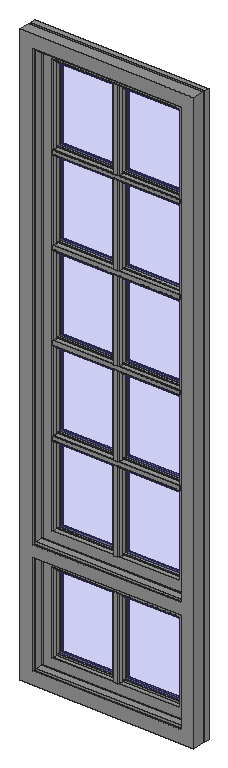
Revit family "MA1SPS LH", category Windows, host Wall, Revit 2015
Parameters (values of type "MA1SPS LH")
  Sash Height = 1461 mm
  Height = 1814 mm
  Default Lintel Height = 2100 mm
  Wall Closure = By host
  Width = 542 mm
Reference planes
  plane 1 "Center (Front/Back)": y = 0
  plane 2 "Center (Left/Right)": x = 0
  plane 3 "Left": x = -271
  plane 4 "Right": x = 271
  plane 5 "Sill": z = 286
  plane 6 "Head": z = 2100
  plane 7 "Exterior": y = 100
  plane 8 "Interior": y = -100
  plane 9: y = -28.5
  plane 10: y = 23.5
  plane 11: z = 639
Forms (mm)
  Sweep 1, solid, material "Lauan, Meranti"
    path origin (0, 100, 0) x (-1, 0, 0) y (0, 0, -1)
      loop
        line (271, -2100) -> (271, -286) -> (-271, -286) -> (-271, -2100) -> (271, -2100)
    profile origin (0, 100, 2100) x (0, 0, 1) y (0, -1, 0)
      loop
        line (0, 71.5) -> (0, 86.5) -> (-10, 86.5) -> (-10, 94.5) -> (0, 94.5) -> (0, 128.5) -> (-39, 128.5) -> (-39, 122.5) -> (-44, 122.5) -> (-44, 96.5) -> (-40.5, 96.5) -> (-40.5, 102.5) -> (-37.5, 102.5) -> (-37.5, 96.5) -> (-29, 96.5) -> (-29, 71.5) -> (0, 71.5)
  Sweep 2, solid, material "Rubber"
    path origin (0, 100, 0) x (-1, 0, 0) y (0, 0, -1)
      loop
        line (233.5, -2062.5) -> (233.5, -676.5) -> (-233.5, -676.5) -> (-233.5, -2062.5) -> (233.5, -2062.5)
    profile origin (0, 100, 2062.5) x (0, 0, 1) y (0, -1, 0)
      loop
        line (-1.5, 91.5) -> (3.5, 93.5) -> (3.5, 96.5) -> (-0.5, 96.5) -> (-0.5, 98.93) -> (0.5, 98.93) -> (-0.5, 99.198) -> (-0.5, 100.964) -> (0.5, 100.964) -> (-1.5, 101.5) -> (-3.5, 100.964) -> (-2.5, 100.964) -> (-2.5, 99.198) -> (-3.5, 98.93) -> (-2.5, 98.93) -> (-2.5, 96.5) -> (-6.5, 96.5) -> (-6.5, 93.5) -> (-1.5, 91.5)
  Extrusion 3, solid, material "Lauan, Meranti"
    sketch origin (271, 0, 0) x (0, -1, 0) y (0, 0, -1)
      loop
        line (28.5, -644) -> (22.5, -644) -> (22.5, -639) -> (-3.5, -639) -> (-3.5, -642.5) -> (2.5, -642.5) -> (2.5, -645.5) -> (-3.5, -645.5) -> (-3.5, -654) -> (-28.5, -654) -> (-28.5, -668) -> (-3.5, -668) -> (-3.5, -676.5) -> (2.5, -676.5) -> (2.5, -679.5) -> (-3.5, -679.5) -> (-3.5, -683) -> (22.5, -683) -> (22.5, -678) -> (28.5, -678) -> (28.5, -644)
    from -513 to -29
  Sweep 4, solid, material "Lauan, Meranti"
    path origin (10500, 23.5, 2100) x (0, 0, -1) y (-1, 0, 0)
      loop
        line (29, 10742) -> (29, 10258) -> (1432, 10258) -> (1432, 10742) -> (29, 10742)
    profile origin (0, 23.5, 2071) x (0, 0, -1) y (0, 1, 0)
      loop
        line (12, -2) -> (14, -2.536) -> (14, -7.464) -> (12, -8) -> (12, -13) -> (10, -13) -> (10, -17) -> (43, -17) -> (43, -14)
        arc (43, -14) -> (47.243, -12.243) -> (49, -8) r 6
        line (49, -8) -> (52, -8) -> (52, 0) -> (43, 0) -> (43, 25) -> (1, 25)
        arc (1, 25) -> (-3.243, 23.243) -> (-5, 19) r 6
        line (-5, 19) -> (-5, 5) -> (12, 5) -> (12, -2)
  Sweep 5, solid, material "Rubber"
    path origin (10500, 23.5, 2100) x (0, 0, -1) y (-1, 0, 0)
      loop
        line (1446, 10742) -> (1446, 10258) -> (1785, 10258) -> (1785, 10742) -> (1446, 10742)
    profile origin (0, 23.5, 654) x (0, 0, -1) y (0, 1, 0)
      loop
        line (5, -20) -> (9, -20) -> (9, -22.43) -> (8, -22.43) -> (9, -22.698) -> (9, -24.464) -> (8, -24.464) -> (10, -25) -> (12, -24.464) -> (11, -24.464) -> (11, -22.698) -> (12, -22.43) -> (11, -22.43) -> (11, -20) -> (15, -20) -> (15, -17) -> (10, -15) -> (5, -17) -> (5, -20)
  Sweep 6, solid, material "Lauan, Meranti"
    path origin (10500, 23.5, 2100) x (0, 0, -1) y (-1, 0, 0)
      loop
        line (1446, 10742) -> (1446, 10258) -> (1785, 10258) -> (1785, 10742) -> (1446, 10742)
    profile origin (0, 23.5, 654) x (0, 0, -1) y (0, 1, 0)
      loop
        line (-5, 5) -> (12, 5) -> (12, -2) -> (14, -2.536) -> (14, -7.464) -> (12, -8) -> (12, -13) -> (10, -13) -> (10, -17) -> (43, -17) -> (43, -14)
        arc (43, -14) -> (47.243, -12.243) -> (49, -8) r 6
        line (49, -8) -> (52, -8) -> (52, 0) -> (43, 0) -> (43, 25) -> (1, 25)
        arc (1, 25) -> (-3.243, 23.243) -> (-5, 19) r 6
        line (-5, 19) -> (-5, 5)
  Extrusion 7, solid, material "Lauan, Meranti"
    sketch origin (-270.934, 0, -15.827) x (0, -1, 0) y (0, 0, 1)
      loop
        line (-48.5, 1777.838) -> (-23.5, 1777.838) -> (-23.5, 1768.838) -> (-15.5, 1768.838) -> (-15.5, 1771.838)
        arc (-15.5, 1771.838) -> (-11.257, 1773.596) -> (-9.5, 1777.838) r 6
        line (-9.5, 1777.838) -> (-6.5, 1777.838) -> (-6.5, 1790.838) -> (-9.5, 1790.838)
        arc (-9.5, 1790.838) -> (-11.257, 1795.081) -> (-15.5, 1796.838) r 6
        line (-15.5, 1796.838) -> (-15.5, 1799.838) -> (-23.5, 1799.838) -> (-23.5, 1790.838) -> (-48.5, 1790.838) -> (-48.5, 1777.838)
      loop
        line (-48.5, 1511.838) -> (-23.5, 1511.838) -> (-23.5, 1502.838) -> (-15.5, 1502.838) -> (-15.5, 1505.838)
        arc (-15.5, 1505.838) -> (-11.257, 1507.596) -> (-9.5, 1511.838) r 6
        line (-9.5, 1511.838) -> (-6.5, 1511.838) -> (-6.5, 1524.838) -> (-9.5, 1524.838)
        arc (-9.5, 1524.838) -> (-11.257, 1529.081) -> (-15.5, 1530.838) r 6
        line (-15.5, 1530.838) -> (-15.5, 1533.838) -> (-23.5, 1533.838) -> (-23.5, 1524.838) -> (-48.5, 1524.838) -> (-48.5, 1511.838)
      loop
        line (-48.5, 1245.838) -> (-23.5, 1245.838) -> (-23.5, 1236.838) -> (-15.5, 1236.838) -> (-15.5, 1239.838)
        arc (-15.5, 1239.838) -> (-11.257, 1241.596) -> (-9.5, 1245.838) r 6
        line (-9.5, 1245.838) -> (-6.5, 1245.838) -> (-6.5, 1258.838) -> (-9.5, 1258.838)
        arc (-9.5, 1258.838) -> (-11.257, 1263.081) -> (-15.5, 1264.838) r 6
        line (-15.5, 1264.838) -> (-15.5, 1267.838) -> (-23.5, 1267.838) -> (-23.5, 1258.838) -> (-48.5, 1258.838) -> (-48.5, 1245.838)
      loop
        line (-48.5, 979.838) -> (-23.5, 979.838) -> (-23.5, 970.838) -> (-15.5, 970.838) -> (-15.5, 973.838)
        arc (-15.5, 973.838) -> (-11.257, 975.596) -> (-9.5, 979.838) r 6
        line (-9.5, 979.838) -> (-6.5, 979.838) -> (-6.5, 992.838) -> (-9.5, 992.838)
        arc (-9.5, 992.838) -> (-11.257, 997.081) -> (-15.5, 998.838) r 6
        line (-15.5, 998.838) -> (-15.5, 1001.838) -> (-23.5, 1001.838) -> (-23.5, 992.838) -> (-48.5, 992.838) -> (-48.5, 979.838)
    from -469.934 to -71.934
  Extrusion 8, solid, material "Lauan, Meranti"
    sketch origin (-0.311, 25, 184.173) x (1, 0, 0) y (0, 1, 0)
      loop
        line (-6.5, 23.5) -> (-6.5, -1.5) -> (-15.5, -1.5) -> (-15.5, -9.5) -> (-12.5, -9.5)
        arc (-12.5, -9.5) -> (-10.743, -13.743) -> (-6.5, -15.5) r 6
        line (-6.5, -15.5) -> (-6.5, -18.5) -> (6.5, -18.5) -> (6.5, -15.5)
        arc (6.5, -15.5) -> (10.743, -13.743) -> (12.5, -9.5) r 6
        line (12.5, -9.5) -> (15.5, -9.5) -> (15.5, -1.5) -> (6.5, -1.5) -> (6.5, 23.5) -> (-6.5, 23.5)
    from 1590.839 to 1843.827
  Extrusion 9, solid, material "Lauan, Meranti"
    sketch origin (-0.311, 25, -81.828) x (1, 0, 0) y (0, 1, 0)
      loop
        line (-6.5, 23.5) -> (-6.5, -1.5) -> (-15.5, -1.5) -> (-15.5, -9.5) -> (-12.5, -9.5)
        arc (-12.5, -9.5) -> (-10.743, -13.743) -> (-6.5, -15.5) r 6
        line (-6.5, -15.5) -> (-6.5, -18.5) -> (6.5, -18.5) -> (6.5, -15.5)
        arc (6.5, -15.5) -> (10.743, -13.743) -> (12.5, -9.5) r 6
        line (12.5, -9.5) -> (15.5, -9.5) -> (15.5, -1.5) -> (6.5, -1.5) -> (6.5, 23.5) -> (-6.5, 23.5)
    from 1590.839 to 1843.839
  Extrusion 10, solid, material "Lauan, Meranti"
    sketch origin (-0.311, 25, -347.828) x (1, 0, 0) y (0, 1, 0)
      loop
        line (-6.5, 23.5) -> (-6.5, -1.5) -> (-15.5, -1.5) -> (-15.5, -9.5) -> (-12.5, -9.5)
        arc (-12.5, -9.5) -> (-10.743, -13.743) -> (-6.5, -15.5) r 6
        line (-6.5, -15.5) -> (-6.5, -18.5) -> (6.5, -18.5) -> (6.5, -15.5)
        arc (6.5, -15.5) -> (10.743, -13.743) -> (12.5, -9.5) r 6
        line (12.5, -9.5) -> (15.5, -9.5) -> (15.5, -1.5) -> (6.5, -1.5) -> (6.5, 23.5) -> (-6.5, 23.5)
    from 1590.839 to 1843.839
  Extrusion 11, solid, material "Lauan, Meranti"
    sketch origin (-0.311, 25, -613.828) x (1, 0, 0) y (0, 1, 0)
      loop
        line (-6.5, 23.5) -> (-6.5, -1.5) -> (-15.5, -1.5) -> (-15.5, -9.5) -> (-12.5, -9.5)
        arc (-12.5, -9.5) -> (-10.743, -13.743) -> (-6.5, -15.5) r 6
        line (-6.5, -15.5) -> (-6.5, -18.5) -> (6.5, -18.5) -> (6.5, -15.5)
        arc (6.5, -15.5) -> (10.743, -13.743) -> (12.5, -9.5) r 6
        line (12.5, -9.5) -> (15.5, -9.5) -> (15.5, -1.5) -> (6.5, -1.5) -> (6.5, 23.5) -> (-6.5, 23.5)
    from 1590.839 to 1843.839
  Extrusion 12, solid, material "Lauan, Meranti"
    sketch origin (-0.311, 25, -879.828) x (1, 0, 0) y (0, 1, 0)
      loop
        line (-6.5, 23.5) -> (-6.5, -1.5) -> (-15.5, -1.5) -> (-15.5, -9.5) -> (-12.5, -9.5)
        arc (-12.5, -9.5) -> (-10.743, -13.743) -> (-6.5, -15.5) r 6
        line (-6.5, -15.5) -> (-6.5, -18.5) -> (6.5, -18.5) -> (6.5, -15.5)
        arc (6.5, -15.5) -> (10.743, -13.743) -> (12.5, -9.5) r 6
        line (12.5, -9.5) -> (15.5, -9.5) -> (15.5, -1.5) -> (6.5, -1.5) -> (6.5, 23.5) -> (-6.5, 23.5)
    from 1590.828 to 1843.839
  Extrusion 13, solid, material "Lauan, Meranti"
    sketch origin (-0.311, 25, -1232.828) x (1, 0, 0) y (0, 1, 0)
      loop
        line (-6.5, 23.5) -> (-6.5, -1.5) -> (-15.5, -1.5) -> (-15.5, -9.5) -> (-12.5, -9.5)
        arc (-12.5, -9.5) -> (-10.743, -13.743) -> (-6.5, -15.5) r 6
        line (-6.5, -15.5) -> (-6.5, -18.5) -> (6.5, -18.5) -> (6.5, -15.5)
        arc (6.5, -15.5) -> (10.743, -13.743) -> (12.5, -9.5) r 6
        line (12.5, -9.5) -> (15.5, -9.5) -> (15.5, -1.5) -> (6.5, -1.5) -> (6.5, 23.5) -> (-6.5, 23.5)
    from 1590.828 to 1843.828
  Extrusion 14, solid, material "Glass"
    sketch origin (10500, 23.5, 2100) x (0, 0, -1) y (-1, 0, 0)
      loop
        line (72, 10699) -> (72, 10506.811) -> (324.988, 10506.811) -> (324.988, 10699) -> (72, 10699)
      loop
        line (72, 10493.811) -> (72, 10301) -> (324.988, 10301) -> (324.988, 10493.811) -> (72, 10493.811)
      loop
        line (337.988, 10699) -> (337.988, 10506.811) -> (590.988, 10506.811) -> (590.988, 10699) -> (337.988, 10699)
      loop
        line (337.988, 10493.811) -> (337.988, 10301) -> (590.988, 10301) -> (590.988, 10493.811) -> (337.988, 10493.811)
      loop
        line (603.988, 10699) -> (603.988, 10506.811) -> (856.988, 10506.811) -> (856.988, 10699) -> (603.988, 10699)
      loop
        line (603.988, 10493.811) -> (603.988, 10301) -> (856.988, 10301) -> (856.988, 10493.811) -> (603.988, 10493.811)
      loop
        line (869.988, 10699) -> (869.988, 10506.811) -> (1122.988, 10506.811) -> (1122.988, 10699) -> (869.988, 10699)
      loop
        line (869.988, 10493.811) -> (869.988, 10301) -> (1122.988, 10301) -> (1122.988, 10493.811) -> (869.988, 10493.811)
      loop
        line (1135.988, 10699) -> (1135.988, 10506.811) -> (1389, 10506.811) -> (1389, 10699) -> (1135.988, 10699)
      loop
        line (1135.988, 10493.811) -> (1135.988, 10301) -> (1389, 10301) -> (1389, 10493.811) -> (1135.988, 10493.811)
      loop
        line (1489.013, 10698.988) -> (1489.013, 10506.811) -> (1742, 10506.811) -> (1742, 10698.988) -> (1489.013, 10698.988)
      loop
        line (1489, 10493.811) -> (1489, 10301) -> (1742, 10301) -> (1742, 10493.811) -> (1489, 10493.811)
    from 0 to 6.4
  Sweep 15, solid, material "Lauan, Meranti"
    path origin (10500, 23.5, 2100) x (0, 0, -1) y (-1, 0, 0)
      loop
        line (72, 10699) -> (72, 10506.811) -> (324.988, 10506.811) -> (324.988, 10699) -> (72, 10699)
    profile origin (-102.906, 23.5, 2028) x (0, 0, -1) y (0, 1, 0)
      loop
        line (0, 14.4) -> (0, 6.4) -> (9, 6.4) -> (9, 8.4) -> (7, 8.4)
        arc (7, 8.4) -> (4.67, 12.766) -> (0, 14.4) r 6.807
  Sweep 16, solid, material "Lauan, Meranti"
    path origin (10705.189, 23.5, 2100) x (0, 0, -1) y (-1, 0, 0)
      loop
        line (72, 10699) -> (72, 10506.189) -> (324.988, 10506.189) -> (324.988, 10699) -> (72, 10699)
    profile origin (102.594, 23.5, 2028) x (0, 0, -1) y (0, 1, 0)
      loop
        line (0, 14.4) -> (0, 6.4) -> (9, 6.4) -> (9, 8.4) -> (7, 8.4)
        arc (7, 8.4) -> (4.67, 12.766) -> (0, 14.4) r 6.807
  Sweep 17, solid, material "Lauan, Meranti"
    path origin (10500, 23.5, 1834.012) x (0, 0, -1) y (-1, 0, 0)
      loop
        line (72, 10699) -> (72, 10506.811) -> (325, 10506.811) -> (325, 10699) -> (72, 10699)
    profile origin (-102.906, 23.5, 1762.012) x (0, 0, -1) y (0, 1, 0)
      loop
        line (0, 14.4) -> (0, 6.4) -> (9, 6.4) -> (9, 8.4) -> (7, 8.4)
        arc (7, 8.4) -> (4.67, 12.766) -> (0, 14.4) r 6.807
  Sweep 18, solid, material "Lauan, Meranti"
    path origin (10500, 23.5, 1568.012) x (0, 0, -1) y (-1, 0, 0)
      loop
        line (72, 10699) -> (72, 10506.811) -> (325, 10506.811) -> (325, 10699) -> (72, 10699)
    profile origin (-102.906, 23.5, 1496.012) x (0, 0, -1) y (0, 1, 0)
      loop
        line (0, 14.4) -> (0, 6.4) -> (9, 6.4) -> (9, 8.4) -> (7, 8.4)
        arc (7, 8.4) -> (4.67, 12.766) -> (0, 14.4) r 6.807
  Sweep 19, solid, material "Lauan, Meranti"
    path origin (10500, 23.5, 1302.012) x (0, 0, -1) y (-1, 0, 0)
      loop
        line (72, 10699) -> (72, 10506.811) -> (325, 10506.811) -> (325, 10699) -> (72, 10699)
    profile origin (-102.906, 23.5, 1230.012) x (0, 0, -1) y (0, 1, 0)
      loop
        line (0, 14.4) -> (0, 6.4) -> (9, 6.4) -> (9, 8.4) -> (7, 8.4)
        arc (7, 8.4) -> (4.67, 12.766) -> (0, 14.4) r 6.807
  Sweep 20, solid, material "Lauan, Meranti"
    path origin (10500, 23.5, 1036.012) x (0, 0, -1) y (-1, 0, 0)
      loop
        line (72, 10699) -> (72, 10506.811) -> (325.012, 10506.811) -> (325.012, 10699) -> (72, 10699)
    profile origin (-102.906, 23.5, 964.012) x (0, 0, -1) y (0, 1, 0)
      loop
        line (0, 14.4) -> (0, 6.4) -> (9, 6.4) -> (9, 8.4) -> (7, 8.4)
        arc (7, 8.4) -> (4.67, 12.766) -> (0, 14.4) r 6.807
  Sweep 21, solid, material "Lauan, Meranti"
    path origin (10500, 23.5, 683) x (0, 0, -1) y (-1, 0, 0)
      loop
        line (72, 10699) -> (72, 10506.811) -> (325, 10506.811) -> (325, 10699) -> (72, 10699)
    profile origin (-102.906, 23.5, 611) x (0, 0, -1) y (0, 1, 0)
      loop
        line (0, 14.4) -> (0, 6.4) -> (9, 6.4) -> (9, 8.4) -> (7, 8.4)
        arc (7, 8.4) -> (4.67, 12.766) -> (0, 14.4) r 6.807
  Sweep 22, solid, material "Lauan, Meranti"
    path origin (10705.189, 23.5, 1834.012) x (0, 0, -1) y (-1, 0, 0)
      loop
        line (72, 10699) -> (72, 10506.189) -> (325, 10506.189) -> (325, 10699) -> (72, 10699)
    profile origin (102.594, 23.5, 1762.012) x (0, 0, -1) y (0, 1, 0)
      loop
        line (0, 14.4) -> (0, 6.4) -> (9, 6.4) -> (9, 8.4) -> (7, 8.4)
        arc (7, 8.4) -> (4.67, 12.766) -> (0, 14.4) r 6.807
  Sweep 23, solid, material "Lauan, Meranti"
    path origin (10705.189, 23.5, 1568.012) x (0, 0, -1) y (-1, 0, 0)
      loop
        line (72, 10699) -> (72, 10506.189) -> (325, 10506.189) -> (325, 10699) -> (72, 10699)
    profile origin (102.594, 23.5, 1496.012) x (0, 0, -1) y (0, 1, 0)
      loop
        line (0, 14.4) -> (0, 6.4) -> (9, 6.4) -> (9, 8.4) -> (7, 8.4)
        arc (7, 8.4) -> (4.67, 12.766) -> (0, 14.4) r 6.807
  Sweep 24, solid, material "Lauan, Meranti"
    path origin (10705.189, 23.5, 1302.012) x (0, 0, -1) y (-1, 0, 0)
      loop
        line (72, 10699) -> (72, 10506.189) -> (325, 10506.189) -> (325, 10699) -> (72, 10699)
    profile origin (102.594, 23.5, 1230.012) x (0, 0, -1) y (0, 1, 0)
      loop
        line (0, 14.4) -> (0, 6.4) -> (9, 6.4) -> (9, 8.4) -> (7, 8.4)
        arc (7, 8.4) -> (4.67, 12.766) -> (0, 14.4) r 6.807
  Sweep 25, solid, material "Lauan, Meranti"
    path origin (10705.189, 23.5, 1036.012) x (0, 0, -1) y (-1, 0, 0)
      loop
        line (72, 10699) -> (72, 10506.189) -> (325.012, 10506.189) -> (325.012, 10699) -> (72, 10699)
    profile origin (102.594, 23.5, 964.012) x (0, 0, -1) y (0, 1, 0)
      loop
        line (0, 14.4) -> (0, 6.4) -> (9, 6.4) -> (9, 8.4) -> (7, 8.4)
        arc (7, 8.4) -> (4.67, 12.766) -> (0, 14.4) r 6.807
  Sweep 26, solid, material "Lauan, Meranti"
    path origin (10705.189, 23.5, 683) x (0, 0, -1) y (-1, 0, 0)
      loop
        line (72, 10699) -> (72, 10506.189) -> (325, 10506.189) -> (325, 10699) -> (72, 10699)
    profile origin (102.594, 23.5, 611) x (0, 0, -1) y (0, 1, 0)
      loop
        line (0, 14.4) -> (0, 6.4) -> (9, 6.4) -> (9, 8.4) -> (7, 8.4)
        arc (7, 8.4) -> (4.67, 12.766) -> (0, 14.4) r 6.807
Cuts and joins
  joined: Sweep 1, Extrusion 3
Lines and regions (mm)
  Opening 1
    outline origin (-5000, 100, 0) x (-1, 0, 0) y (0, 0, 1)
      loop
        line (-4729, 286) -> (-4729, 2100) -> (-5271, 2100) -> (-5271, 286) -> (-4729, 286)
  model lines
    curve 1: line (247, 48.5, 2076) -> (-247, 48.5, 1369.5)
    curve 2: line (-247, 48.5, 1369.5) -> (247, 48.5, 663)
Text (mm)
  text "EXTERIOR" at (-1963.203, 1332.353, 0), in view "Ref. Level"
  text "INTERIOR" at (-1981.466, -818.386, 0), in view "Ref. Level"
  text "Exterior" at (0, 923.751, 2943.296), in view "Right"
  text "Exterior" at (0, 1040.484, 2685.409), in view "Left"
Dimensions and locks
  equal spacing: plane 3 "Left", plane 2 "Center (Left/Right)", plane 4 "Right"
  "Width": plane 3 "Left" to plane 4 "Right"
  "Height": plane 5 "Sill" to plane 6 "Head"
  "Default Lintel Height": plane 6 "Head" to level
  locked: plane 7 "Exterior" to host wall at 0
  locked: plane 8 "Interior" to host wall
  locked: plane 10 to plane 9 at 52
  "Sash Height": plane 11 to plane 6 "Head"
  aligned and locked: Sweep 2 sketch curve to Sweep 1  (x3)
  aligned and locked: Sweep 1 to Extrusion 3  (x2)
  aligned and locked: Extrusion 3 to Sweep 2 sketch curve
  aligned and locked: Sweep 1 to Sweep 4 sketch curve
  aligned and locked: Sweep 4 sketch curve to Sweep 1
  aligned and locked: Extrusion 3 to Sweep 4 sketch curve
  aligned and locked: Sweep 4 sketch curve to Extrusion 3
  aligned and locked: Sweep 4 to Extrusion 7  (x2)
  aligned and locked: Sweep 4 to Extrusion 8
  aligned and locked: Extrusion 7 to Extrusion 12
  aligned and locked: Sweep 4 to Extrusion 12
  aligned and locked: Extrusion 7 to Extrusion 11  (x2)
  aligned and locked: Extrusion 7 to Extrusion 10  (x2)
  aligned and locked: Extrusion 7 to Extrusion 9  (x2)
  aligned and locked: Sweep 6 to Extrusion 13
  aligned and locked: Sweep 4 to Extrusion 14 sketch curve  (x2)
  aligned and locked: Extrusion 14 sketch curve to Sweep 4  (x2)
  aligned and locked: Extrusion 14 sketch curve to Extrusion 8  (x4)
  aligned and locked: Extrusion 7 to Extrusion 14 sketch curve  (x13)
  aligned and locked: Extrusion 14 sketch curve to Extrusion 7  (x3)
  aligned and locked: Extrusion 14 sketch curve to Extrusion 9  (x3)
  aligned and locked: Extrusion 14 sketch curve to Extrusion 14 sketch curve
  aligned and locked: Extrusion 14 sketch curve to Extrusion 10  (x4)
  aligned and locked: Extrusion 14 sketch curve to Extrusion 11  (x4)
  aligned and locked: Extrusion 14 sketch curve to Extrusion 12  (x4)
  aligned and locked: Extrusion 14 sketch curve to Sweep 6  (x3)
  aligned and locked: Extrusion 14 sketch curve to Extrusion 13  (x4)
  aligned and locked: Sweep 6 to Extrusion 14 sketch curve
  aligned and locked: Sweep 4 to Sweep 15 sketch curve
  aligned and locked: Sweep 15 sketch curve to Sweep 4
  aligned and locked: Sweep 15 sketch curve to Extrusion 14
  aligned and locked: Sweep 15 sketch curve to Extrusion 8
  aligned and locked: Sweep 4 to Sweep 16 sketch curve
  aligned and locked: Sweep 16 sketch curve to Extrusion 8
  aligned and locked: Sweep 16 sketch curve to Sweep 4
  aligned and locked: Extrusion 7 to Sweep 16 sketch curve
  aligned and locked: Extrusion 7 to Sweep 17 sketch curve  (x2)
  aligned and locked: Sweep 17 sketch curve to Sweep 4
  aligned and locked: Sweep 17 sketch curve to Extrusion 9
  aligned and locked: Extrusion 7 to Sweep 22 sketch curve  (x2)
  aligned and locked: Sweep 22 sketch curve to Extrusion 9
  aligned and locked: Sweep 22 sketch curve to Sweep 4
  aligned and locked: Extrusion 7 to Sweep 18 sketch curve  (x2)
  aligned and locked: Sweep 18 sketch curve to Sweep 4
  aligned and locked: Sweep 18 sketch curve to Extrusion 10
  aligned and locked: Extrusion 7 to Sweep 23 sketch curve  (x2)
  aligned and locked: Sweep 23 sketch curve to Extrusion 10
  aligned and locked: Sweep 23 sketch curve to Sweep 4
  aligned and locked: Extrusion 7 to Sweep 19 sketch curve  (x2)
  aligned and locked: Sweep 19 sketch curve to Sweep 4
  aligned and locked: Sweep 19 sketch curve to Extrusion 11
  aligned and locked: Extrusion 7 to Sweep 24 sketch curve  (x2)
  aligned and locked: Sweep 24 sketch curve to Extrusion 11
  aligned and locked: Sweep 24 sketch curve to Sweep 4
  aligned and locked: Extrusion 7 to Sweep 20 sketch curve
  aligned and locked: Sweep 20 sketch curve to Sweep 4
  aligned and locked: Sweep 4 to Sweep 20 sketch curve
  aligned and locked: Sweep 20 sketch curve to Extrusion 12
  aligned and locked: Extrusion 7 to Sweep 25 sketch curve
  aligned and locked: Sweep 25 sketch curve to Extrusion 12
  aligned and locked: Sweep 4 to Sweep 25 sketch curve
  aligned and locked: Sweep 25 sketch curve to Sweep 4
  aligned and locked: Sweep 6 to Sweep 21 sketch curve  (x2)
  aligned and locked: Sweep 21 sketch curve to Sweep 6
  aligned and locked: Sweep 21 sketch curve to Extrusion 13
  aligned and locked: Sweep 6 to Sweep 26 sketch curve  (x2)
  aligned and locked: Sweep 26 sketch curve to Extrusion 13
  aligned and locked: Sweep 26 sketch curve to Sweep 6
Automatic sketch dimensions
  curve 1 to plane 3 "Left" = 24 mm
  plane 6 "Head" to curve 2 = 730.5 mm
  plane 4 "Right" to curve 1 = 24 mm
  plane 4 "Right" to curve 2 = 24 mm
  plane 11 to curve 2 = 24 mm
  plane 6 "Head" to curve 1 = 24 mm
  plane 4 "Right" to Opening 1 sketch curve = 0 mm
  plane 3 "Left" to Opening 1 sketch curve = 0 mm
  Opening 1 sketch curve to plane 5 "Sill" = 0 mm
  Opening 1 sketch curve to plane 6 "Head" = 0 mm
  plane 4 "Right" to Sweep 1 sketch curve = 0 mm
  plane 3 "Left" to Sweep 1 sketch curve = 0 mm
  Sweep 1 sketch curve to plane 6 "Head" = 0 mm
  Sweep 1 sketch curve to plane 5 "Sill" = 0 mm
  profile plane to Sweep 1 sketch curve = 0 mm  (x2)
  profile plane to Sweep 1 sketch curve = 10 mm
  Sweep 1 sketch curve to Sweep 1 sketch curve = 19 mm
  Sweep 1 sketch curve to Sweep 1 sketch curve = 8.5 mm
  Sweep 1 sketch curve to Sweep 1 sketch curve = 1.5 mm
  Sweep 1 sketch curve to Sweep 1 sketch curve = 3 mm
  Sweep 1 sketch curve to Sweep 1 sketch curve = 5 mm
  profile plane to Sweep 1 sketch curve = 71.5 mm
  Sweep 1 sketch curve to Sweep 1 sketch curve = 15 mm
  Sweep 1 sketch curve to Sweep 1 sketch curve = 8 mm
  Sweep 1 sketch curve to Sweep 1 sketch curve = 25 mm
  Sweep 1 sketch curve to Sweep 1 sketch curve = 0 mm
  Sweep 1 sketch curve to Sweep 1 sketch curve = 6 mm
  Sweep 1 sketch curve to Sweep 1 sketch curve = 20 mm
  Sweep 1 sketch curve to Sweep 1 sketch curve = 34 mm
  profile plane to Sweep 2 sketch curve = 6.5 mm
  profile plane to Sweep 2 sketch curve = 3.5 mm
  Sweep 2 sketch curve to Sweep 2 sketch curve = 0 mm  (x3)
  profile plane to Sweep 2 sketch curve = 2.5 mm
  Sweep 2 sketch curve to Sweep 2 sketch curve = 1 mm  (x2)
  profile plane to Sweep 2 sketch curve = 1.5 mm
  profile plane to Sweep 2 sketch curve = 0.5 mm
  Sweep 2 sketch curve to profile plane = 0.5 mm  (x2)
  Sweep 2 sketch curve to profile plane = 3.5 mm
  profile plane to Sweep 2 sketch curve = 91.5 mm
  Sweep 2 sketch curve to Sweep 2 sketch curve = 2 mm  (x2)
  Sweep 2 sketch curve to Sweep 2 sketch curve = 3 mm  (x2)
  Sweep 2 sketch curve to Sweep 2 sketch curve = 2.43 mm
  Sweep 2 sketch curve to Sweep 2 sketch curve = 0.268 mm  (x2)
  Sweep 2 sketch curve to Sweep 2 sketch curve = 1.766 mm  (x2)
  Sweep 2 sketch curve to Sweep 2 sketch curve = 0.536 mm
  Extrusion 3 sketch curve to plane 11 = 0 mm
  Extrusion 3 sketch curve to plane 9 = 0 mm
  plane 9 to Extrusion 3 sketch curve = 6 mm  (x2)
  host wall to Extrusion 3 sketch curve = 2.5 mm  (x2)
  Extrusion 3 sketch curve to host wall = 3.5 mm  (x3)
  Extrusion 3 sketch curve to Extrusion 3 sketch curve = 0 mm
  plane 10 to Extrusion 3 sketch curve = 5 mm
  plane 11 to Extrusion 3 sketch curve = 3.5 mm
  plane 11 to Extrusion 3 sketch curve = 5 mm
  Extrusion 3 sketch curve to Extrusion 3 sketch curve = 3 mm  (x2)
  Extrusion 3 sketch curve to Extrusion 3 sketch curve = 8.5 mm  (x2)
  Extrusion 3 sketch curve to Extrusion 3 sketch curve = 14 mm
  Extrusion 3 sketch curve to Extrusion 3 sketch curve = 1.5 mm
  Extrusion 3 sketch curve to Extrusion 3 sketch curve = 5 mm
  Sweep 4 sketch curve to profile plane = 0 mm
  profile plane to Sweep 4 sketch curve = 5 mm  (x2)
  Sweep 4 sketch curve to profile plane = 1 mm
  Sweep 4 sketch curve to profile plane = 10 mm
  Sweep 4 sketch curve to profile plane = 12 mm
  Sweep 4 sketch curve to Sweep 4 sketch curve = 2 mm  (x2)
  Sweep 4 sketch curve to profile plane = 8 mm
  Sweep 4 sketch curve to Sweep 4 sketch curve = 29 mm
  Sweep 4 sketch curve to Sweep 4 sketch curve = 0 mm
  Sweep 4 sketch curve to Sweep 4 sketch curve = 6 mm
  Sweep 4 sketch curve to Sweep 4 sketch curve = 3 mm  (x2)
  Sweep 4 sketch curve to Sweep 4 sketch curve = 4 mm
  Sweep 4 sketch curve to Sweep 4 sketch curve = 5 mm
  Sweep 4 sketch curve to Sweep 4 sketch curve = 0.536 mm
  Sweep 4 sketch curve to profile plane = 2.536 mm
  Sweep 4 sketch curve to profile plane = 2 mm
  Sweep 4 sketch curve to Sweep 4 sketch curve = 14 mm
  plane 11 to Sweep 5 sketch curve = 15 mm
  Sweep 5 sketch curve to plane 5 "Sill" = 29 mm
  plane 4 "Right" to Sweep 5 sketch curve = 29 mm
  Sweep 5 sketch curve to plane 3 "Left" = 29 mm
  Sweep 5 sketch curve to profile plane = 5 mm
  Sweep 5 sketch curve to Sweep 5 sketch curve = 3 mm  (x3)
  Sweep 5 sketch curve to Sweep 5 sketch curve = 0 mm  (x2)
  Sweep 5 sketch curve to Sweep 5 sketch curve = 1 mm  (x7)
  Sweep 5 sketch curve to Sweep 5 sketch curve = 4 mm
  Sweep 5 sketch curve to profile plane = 25 mm
  Sweep 5 sketch curve to Sweep 5 sketch curve = 0.536 mm  (x2)
  Sweep 5 sketch curve to Sweep 5 sketch curve = 1.766 mm  (x2)
  Sweep 5 sketch curve to Sweep 5 sketch curve = 0.268 mm  (x2)
  Sweep 5 sketch curve to Sweep 5 sketch curve = 2.43 mm  (x2)
  Sweep 5 sketch curve to Sweep 5 sketch curve = 5 mm
  plane 11 to Sweep 6 sketch curve = 15 mm
  Sweep 6 sketch curve to plane 5 "Sill" = 29 mm
  plane 4 "Right" to Sweep 6 sketch curve = 29 mm
  Sweep 6 sketch curve to plane 3 "Left" = 29 mm
  Sweep 6 sketch curve to profile plane = 0 mm
  profile plane to Sweep 6 sketch curve = 5 mm  (x2)
  Sweep 6 sketch curve to profile plane = 1 mm
  Sweep 6 sketch curve to profile plane = 10 mm
  Sweep 6 sketch curve to profile plane = 2 mm
  Sweep 6 sketch curve to Sweep 6 sketch curve = 2 mm  (x3)
  Sweep 6 sketch curve to profile plane = 14 mm
  Sweep 6 sketch curve to Sweep 6 sketch curve = 29 mm
  Sweep 6 sketch curve to Sweep 6 sketch curve = 0 mm
  Sweep 6 sketch curve to Sweep 6 sketch curve = 6 mm
  Sweep 6 sketch curve to Sweep 6 sketch curve = 3 mm  (x2)
  Sweep 6 sketch curve to Sweep 6 sketch curve = 4 mm
  Sweep 6 sketch curve to Sweep 6 sketch curve = 5 mm
  Sweep 6 sketch curve to Sweep 6 sketch curve = 0.536 mm  (x2)
  Sweep 6 sketch curve to Sweep 6 sketch curve = 14 mm
  Extrusion 7 sketch curve to plane 10 = 0 mm  (x8)
  Extrusion 7 sketch curve to Extrusion 7 sketch curve = 25 mm  (x4)
  Extrusion 7 sketch curve to plane 10 = 8 mm  (x8)
  Extrusion 7 sketch curve to Extrusion 7 sketch curve = 6 mm  (x8)
  Extrusion 7 sketch curve to Extrusion 7 sketch curve = 3 mm  (x12)
  plane 11 to Extrusion 7 sketch curve = 316.012 mm
  Extrusion 7 sketch curve to Extrusion 7 sketch curve = 0 mm  (x4)
  Extrusion 7 sketch curve to Extrusion 7 sketch curve = 13 mm  (x6)
  Extrusion 7 sketch curve to Extrusion 7 sketch curve = 235 mm  (x3)
  Extrusion 7 sketch curve to Extrusion 7 sketch curve = 9 mm  (x2)
  Extrusion 8 sketch curve to plane 10 = 0 mm  (x2)
  plane 2 "Center (Left/Right)" to Extrusion 8 sketch curve = 15.811 mm
  Extrusion 8 sketch curve to Extrusion 8 sketch curve = 3 mm  (x3)
  plane 2 "Center (Left/Right)" to Extrusion 8 sketch curve = 6.811 mm  (x2)
  Extrusion 8 sketch curve to plane 2 "Center (Left/Right)" = 6.189 mm  (x2)
  Extrusion 8 sketch curve to Extrusion 8 sketch curve = 6 mm
  Extrusion 8 sketch curve to plane 10 = 8 mm  (x2)
  Extrusion 8 sketch curve to Extrusion 8 sketch curve = 25 mm
  Extrusion 9 sketch curve to plane 10 = 0 mm  (x2)
  plane 2 "Center (Left/Right)" to Extrusion 9 sketch curve = 15.811 mm
  Extrusion 9 sketch curve to Extrusion 9 sketch curve = 3 mm  (x3)
  plane 2 "Center (Left/Right)" to Extrusion 9 sketch curve = 6.811 mm  (x2)
  Extrusion 9 sketch curve to plane 2 "Center (Left/Right)" = 6.189 mm  (x2)
  Extrusion 9 sketch curve to Extrusion 9 sketch curve = 6 mm
  Extrusion 9 sketch curve to plane 10 = 8 mm  (x2)
  Extrusion 9 sketch curve to Extrusion 9 sketch curve = 25 mm
  Extrusion 10 sketch curve to plane 10 = 0 mm  (x2)
  plane 2 "Center (Left/Right)" to Extrusion 10 sketch curve = 15.811 mm
  Extrusion 10 sketch curve to Extrusion 10 sketch curve = 3 mm  (x3)
  plane 2 "Center (Left/Right)" to Extrusion 10 sketch curve = 6.811 mm  (x2)
  Extrusion 10 sketch curve to plane 2 "Center (Left/Right)" = 6.189 mm  (x2)
  Extrusion 10 sketch curve to Extrusion 10 sketch curve = 6 mm
  Extrusion 10 sketch curve to plane 10 = 8 mm  (x2)
  Extrusion 10 sketch curve to Extrusion 10 sketch curve = 25 mm
  Extrusion 11 sketch curve to plane 10 = 0 mm  (x2)
  plane 2 "Center (Left/Right)" to Extrusion 11 sketch curve = 15.811 mm
  Extrusion 11 sketch curve to Extrusion 11 sketch curve = 3 mm  (x3)
  plane 2 "Center (Left/Right)" to Extrusion 11 sketch curve = 6.811 mm  (x2)
  Extrusion 11 sketch curve to plane 2 "Center (Left/Right)" = 6.189 mm  (x2)
  Extrusion 11 sketch curve to Extrusion 11 sketch curve = 6 mm
  Extrusion 11 sketch curve to plane 10 = 8 mm
  Extrusion 11 sketch curve to Extrusion 11 sketch curve = 8 mm
  plane 10 to Extrusion 11 sketch curve = 25 mm
  Extrusion 12 sketch curve to plane 10 = 0 mm  (x2)
  plane 2 "Center (Left/Right)" to Extrusion 12 sketch curve = 15.811 mm
  Extrusion 12 sketch curve to Extrusion 12 sketch curve = 3 mm  (x3)
  plane 2 "Center (Left/Right)" to Extrusion 12 sketch curve = 6.811 mm  (x2)
  Extrusion 12 sketch curve to plane 2 "Center (Left/Right)" = 6.189 mm  (x2)
  Extrusion 12 sketch curve to Extrusion 12 sketch curve = 6 mm
  Extrusion 12 sketch curve to Extrusion 12 sketch curve = 8 mm  (x2)
  plane 10 to Extrusion 12 sketch curve = 25 mm
  Extrusion 13 sketch curve to plane 10 = 0 mm  (x2)
  plane 2 "Center (Left/Right)" to Extrusion 13 sketch curve = 15.811 mm
  Extrusion 13 sketch curve to Extrusion 13 sketch curve = 3 mm  (x3)
  plane 2 "Center (Left/Right)" to Extrusion 13 sketch curve = 6.811 mm  (x2)
  Extrusion 13 sketch curve to plane 2 "Center (Left/Right)" = 6.189 mm  (x2)
  Extrusion 13 sketch curve to Extrusion 13 sketch curve = 6 mm
  Extrusion 13 sketch curve to Extrusion 13 sketch curve = 8 mm  (x2)
  plane 10 to Extrusion 13 sketch curve = 25 mm
  Extrusion 14 sketch curve to Extrusion 14 sketch curve = 13 mm
  Extrusion 14 sketch curve to Extrusion 14 sketch curve = 0 mm
  Sweep 15 sketch curve to profile plane = 0 mm
  Sweep 15 sketch curve to profile plane = 0.241 mm
  Sweep 15 sketch curve to Sweep 15 sketch curve = 6.759 mm
  Sweep 15 sketch curve to Sweep 15 sketch curve = 2 mm  (x2)
  profile plane to Sweep 15 sketch curve = 6.4 mm
  Sweep 15 sketch curve to Sweep 15 sketch curve = 1.197 mm
  Sweep 16 sketch curve to profile plane = 0 mm
  Sweep 16 sketch curve to profile plane = 0.241 mm
  Sweep 16 sketch curve to Sweep 16 sketch curve = 6.759 mm
  Sweep 16 sketch curve to Sweep 16 sketch curve = 2 mm  (x2)
  profile plane to Sweep 16 sketch curve = 6.4 mm
  Sweep 16 sketch curve to Sweep 16 sketch curve = 1.197 mm
  Sweep 17 sketch curve to profile plane = 0 mm
  Sweep 17 sketch curve to profile plane = 0.241 mm
  Sweep 17 sketch curve to Sweep 17 sketch curve = 6.759 mm
  Sweep 17 sketch curve to Sweep 17 sketch curve = 2 mm  (x2)
  profile plane to Sweep 17 sketch curve = 6.4 mm
  Sweep 17 sketch curve to Sweep 17 sketch curve = 1.197 mm
  Sweep 18 sketch curve to profile plane = 0 mm
  Sweep 18 sketch curve to profile plane = 0.241 mm
  Sweep 18 sketch curve to Sweep 18 sketch curve = 6.759 mm
  Sweep 18 sketch curve to Sweep 18 sketch curve = 2 mm  (x2)
  profile plane to Sweep 18 sketch curve = 6.4 mm
  Sweep 18 sketch curve to Sweep 18 sketch curve = 1.197 mm
  Sweep 19 sketch curve to profile plane = 0 mm
  Sweep 19 sketch curve to profile plane = 0.241 mm
  Sweep 19 sketch curve to Sweep 19 sketch curve = 6.759 mm
  Sweep 19 sketch curve to Sweep 19 sketch curve = 2 mm  (x2)
  profile plane to Sweep 19 sketch curve = 6.4 mm
  Sweep 19 sketch curve to Sweep 19 sketch curve = 1.197 mm
  Sweep 20 sketch curve to profile plane = 0 mm
  Sweep 20 sketch curve to profile plane = 0.241 mm
  Sweep 20 sketch curve to Sweep 20 sketch curve = 6.759 mm
  Sweep 20 sketch curve to Sweep 20 sketch curve = 2 mm  (x2)
  profile plane to Sweep 20 sketch curve = 6.4 mm
  Sweep 20 sketch curve to Sweep 20 sketch curve = 1.197 mm
  Sweep 21 sketch curve to profile plane = 0 mm
  Sweep 21 sketch curve to profile plane = 0.241 mm
  Sweep 21 sketch curve to Sweep 21 sketch curve = 6.759 mm
  Sweep 21 sketch curve to Sweep 21 sketch curve = 2 mm  (x2)
  profile plane to Sweep 21 sketch curve = 6.4 mm
  Sweep 21 sketch curve to Sweep 21 sketch curve = 1.197 mm
  Sweep 22 sketch curve to profile plane = 0 mm
  Sweep 22 sketch curve to profile plane = 0.241 mm
  Sweep 22 sketch curve to Sweep 22 sketch curve = 6.759 mm
  Sweep 22 sketch curve to Sweep 22 sketch curve = 2 mm  (x2)
  profile plane to Sweep 22 sketch curve = 6.4 mm
  Sweep 22 sketch curve to Sweep 22 sketch curve = 1.197 mm
  Sweep 23 sketch curve to profile plane = 0 mm
  Sweep 23 sketch curve to profile plane = 0.241 mm
  Sweep 23 sketch curve to Sweep 23 sketch curve = 6.759 mm
  Sweep 23 sketch curve to Sweep 23 sketch curve = 2 mm  (x2)
  profile plane to Sweep 23 sketch curve = 6.4 mm
  Sweep 23 sketch curve to Sweep 23 sketch curve = 1.197 mm
  Sweep 24 sketch curve to profile plane = 0 mm
  Sweep 24 sketch curve to profile plane = 0.241 mm
  Sweep 24 sketch curve to Sweep 24 sketch curve = 6.759 mm
  Sweep 24 sketch curve to Sweep 24 sketch curve = 2 mm  (x2)
  profile plane to Sweep 24 sketch curve = 6.4 mm
  Sweep 24 sketch curve to Sweep 24 sketch curve = 1.197 mm
  Sweep 25 sketch curve to profile plane = 0 mm
  Sweep 25 sketch curve to profile plane = 0.241 mm
  Sweep 25 sketch curve to Sweep 25 sketch curve = 6.759 mm
  Sweep 25 sketch curve to Sweep 25 sketch curve = 2 mm  (x2)
  profile plane to Sweep 25 sketch curve = 6.4 mm
  Sweep 25 sketch curve to Sweep 25 sketch curve = 1.197 mm
  Sweep 26 sketch curve to profile plane = 0 mm
  Sweep 26 sketch curve to profile plane = 0.241 mm
  Sweep 26 sketch curve to Sweep 26 sketch curve = 6.759 mm
  Sweep 26 sketch curve to Sweep 26 sketch curve = 2 mm  (x2)
  profile plane to Sweep 26 sketch curve = 6.4 mm
  Sweep 26 sketch curve to Sweep 26 sketch curve = 1.197 mm
